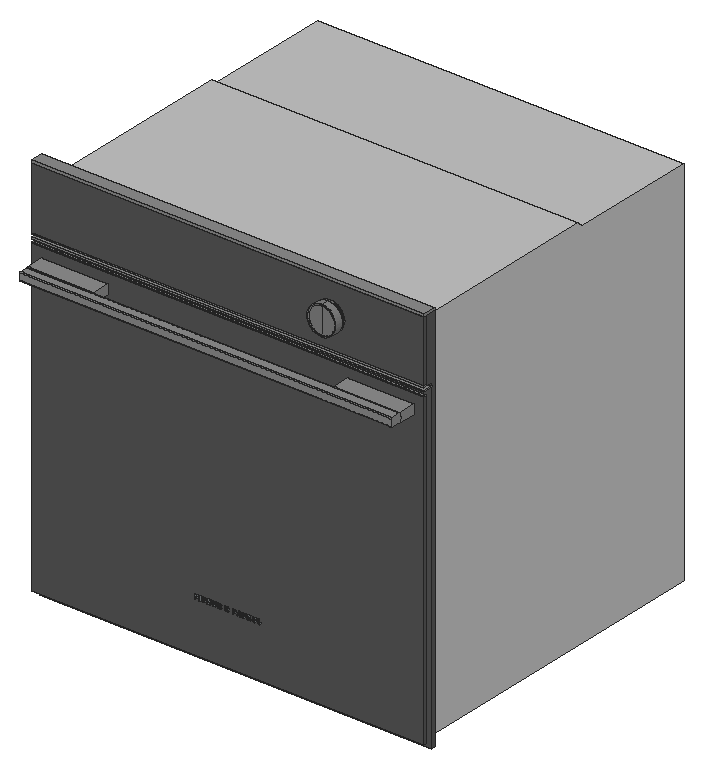
Revit family "FP-Revit19-en-OB60SM11PLB1-WallOven-0-90003193A-AU-NZ", category Specialty Equipment, Revit 2019
Family settings
  Round Connector Dimension = Use Diameter
  Part Type = Normal
  OmniClass Number = 23.40.40.14.17.11
  OmniClass Title = Cookers, Ovens, Stoves
  Work Plane-Based = No
  Always vertical = Yes
  Cut with Voids When Loaded = Yes
  Shared = No
  Room Calculation Point = No
Parameters (values of type "OB60SM11PLB1")
  Visibility - Clearance Required = yes
  URL = "www.fisherpaykel.com"
  Product - Height = 598 mm  # constant formula
  Product - Width = 596 mm  # constant formula
  Product - Depth (Exc. Handles) = 565 mm  # constant formula
  Opening - Height = 600 mm  # constant formula
  Model = "OB60SM11PLB1"
  Material - Trim = Fisher & Paykel - Aluminium, Dark
  Material - Structure = Fisher & Paykel - Black
  Material - Handle = Fisher & Paykel - Aluminium, Dark
  Material - Glass = Fisher & Paykel - Glass, Black
  Material - Dial = Fisher & Paykel - Aluminium, Dark, Matt
  Material - Body = Fisher & Paykel - Grey
  Manufacturer = "Fisher & Paykel Appliances"
  FFL Offset [instance] = 900 mm
  Description = "Oven, 60cm, 11 Function, Self-cleaning"
  Connector Description - Electrical = "220-240VAC, 50Hz ,15A"
  Chassis - Width = 556 mm  # constant formula
  Chassis - Height = 575 mm  # constant formula
  Chassis - Depth = 545 mm  # constant formula
  Cavity - Width = 560 mm  # constant formula
  Cavity - Height = 580 mm  # constant formula
  Cavity - Depth = 550 mm  # constant formula
Reference planes
  plane 1 "Datum": y = 0
  plane 2: z = -2
  plane 3 "Center (Left/Right)": x = 0
  plane 4 "Product LHS": x = -298
  plane 5 "Product RHS": x = 298
  plane 6 "Cavity RHS": x = 280
  plane 7 "FFL Offset": z = 898
  plane 8 "Chassis - Depth": y = 545
  plane 9 "Front Face": y = -20
  plane 10 "Chassis - Height": z = 1473
  plane 11 "Cavity - Height": z = 1478
  plane 12 "Opening - Height": z = 1498
  plane 13 "Cavity LHS": x = -280
  plane 14 "Cavity -Depth": y = 550
  plane 15 "Product - Height": z = 1496
  plane 16 "Opening - RHS": x = 300
  plane 17 "Opening - LHS": x = -300
  plane 18 "Chassis LHS": x = -278
  plane 19 "Chassis RHS": x = 278
Forms (mm)
  Extrusion 1, solid, material "Fisher & Paykel - Grey" <- "Material - Body"
    sketch origin (0, 0, 0) x (0, 1, 0) y (0, 0, 1)
      loop
        line (0, 1473) -> (0, 898) -> (528, 898) -> (528, 1088) -> (545, 1108) -> (545, 1303) -> (498, 1358) -> (498, 1466) -> (305, 1466) -> (298, 1473) -> (0, 1473)
    from -278 to 278
  Extrusion 2, solid, material "Fisher & Paykel - Black" <- "Material - Structure", detail levels fine
    sketch origin (0, 0, 0) x (0, 1, 0) y (0, 0, 1)
      loop
        line (0, 1492.7) -> (-16, 1492.7) -> (-16, 1396) -> (-4, 1396) -> (-4, 898) -> (0, 898) -> (0, 1492.7)
    from -298 to 298
  Extrusion 3, solid, material "Fisher & Paykel - Glass, Black" <- "Material - Glass", detail levels fine
    sketch origin (0, 0, -3) x (0, 1, 0) y (0, 0, 1)
      loop
        line (-20, 1386.4) -> (-20, 912.5) -> (-16, 912.5) -> (-16, 1386.4) -> (-20, 1386.4)
      loop
        line (-20, 1400.8) -> (-16, 1400.8) -> (-16, 1495.7) -> (-20, 1495.7) -> (-20, 1400.8)
    from -298 to 298
  Extrusion 4, solid, material "Fisher & Paykel - Black" <- "Material - Structure", detail levels fine
    sketch origin (0, 0, 0) x (0, 1, 0) y (0, 0, 1)
      loop
        line (-16, 909.5) -> (-4, 909.5) -> (-4, 1380.364) -> (-13.99, 1384) -> (-16, 1384) -> (-16, 909.5)
    from -268 to 268
  Extrusion 5, solid, material "Fisher & Paykel - Clearance Required", visible <- "Visibility - Clearance Required", detail levels coarse
    sketch origin (0, 0, -2) x (1, 0, 0) y (0, 1, 0)
      loop
        line (-280, 0) -> (280, 0) -> (280, 550) -> (-280, 550) -> (-280, 0)
    from 900 to 1480
  Extrusion 6, void
    sketch origin (0, 0, 0) x (0, 1, 0) y (0, 0, 1)
      loop
        line (-20, 898) -> (0, 898) -> (0, 1498) -> (-20, 1498) -> (-20, 898)
    from -300 to 300
  Extrusion 7, solid, material "Fisher & Paykel - Grey" <- "Material - Body"
    sketch origin (0, 2, 0) x (0, 1, 0) y (0, 0, 1)
      loop
        line (496, 1433.999) -> (496, 1376) -> (517.999, 1376) -> (517.999, 1433.999) -> (496, 1433.999)
    from -221 to -128
  Extrusion 8, solid, material "Fisher & Paykel - Aluminium, Dark" <- "Material - Trim", detail levels fine
    sketch origin (0, 0, -1.199) x (0, 1, 0) y (0, 0, 1)
      loop
        line (-16, 1397.199) -> (-16, 1398.999) -> (-20, 1398.999) -> (-20, 1397.199) -> (-16, 1397.199)
      loop
        line (-16, 1384.599) -> (-16, 1386.199) -> (-20, 1386.199) -> (-20, 1384.599) -> (-16, 1384.599)
      loop
        line (-4, 1390.799) -> (-4, 1392.399) -> (-20, 1392.399) -> (-20, 1390.799) -> (-4, 1390.799)
      loop
        line (0, 1493.899) -> (0, 1497.199) -> (-20, 1497.199) -> (-20, 1493.899) -> (0, 1493.899)
    from -298 to 298
  Extrusion 9, void
    sketch origin (0, 0, -2) x (1, 0, 0) y (0, 1, 0)
      loop
        line (201.865, 545) -> (229, 498) -> (278, 498) -> (278, 545) -> (201.865, 545)
      loop
        line (-201.865, 545) -> (-278, 545) -> (-278, 498) -> (-229, 498) -> (-201.865, 545)
    from 900 to 1480
  Extrusion 10, solid, material "Fisher & Paykel - Grey" <- "Material - Body"
    sketch origin (0, 6.626, -14.403) x (0, 1, 0) y (0, 0, 1)
      loop
        circle (501.374, 1419.388) r 5
    from -271 to -221
  Extrusion 11, void
    sketch origin (0, 0, -2) x (1, 0, 0) y (0, 1, 0)
      loop
        line (-280, 0) -> (280, 0) -> (280, 550) -> (-280, 550) -> (-280, 0)
    from 900 to 1480
  Extrusion 12, solid, material "Fisher & Paykel - Glass, Black" <- "Material - Glass", detail levels coarse+medium
    sketch origin (0, 0, 0) x (0, 1, 0) y (0, 0, 1)
      loop
        line (0, 1496) -> (-20, 1496) -> (-20, 1396) -> (-4, 1396) -> (-4, 1391.2) -> (-4, 1380.364) -> (-13.99, 1384) -> (-16, 1384) -> (-16, 1385) -> (-20, 1385) -> (-20, 909.5) -> (-4, 909.5) -> (-4, 898) -> (0, 898) -> (0, 1496)
    from -298 to 298
  Extrusion 13, solid, material "Fisher & Paykel - Clearance Required", visible <- "Visibility - Clearance Required", detail levels coarse
    sketch origin (0, 0, -15) x (0, 1, 0) y (0, 0, 1)
      loop
        line (-20, 946.639) -> (-20, 913) -> (0, 913) -> (0, 1513) -> (-20, 1513) -> (-20, 1400)
        arc (-20, 1400) -> (-332.479, 1274.952) -> (-475.335, 970.203) r 458.415
        line (-475.335, 970.203) -> (-461.431, 969.484) -> (-463.168, 935.896) -> (-450.381, 935.235) -> (-448.645, 968.805) -> (-20, 946.639)
    from -300 to 300
Cuts and joins
  Extrusion 9 cuts Extrusion 1
Text (mm)
  text "Due to ongoing product development, product details are subject to change without notice. \nPlease always refer to www.fisherpaykel.com for the most current product information. \n© Fisher & Paykel 2020" at (41.04, -613.295, 0), in view "Ref. Level (Plan)"
Dimensions and locks
  equal spacing: plane 4 "Product LHS", plane 3 "Center (Left/Right)", plane 5 "Product RHS"
  "Product - Width": plane 4 "Product LHS" to plane 5 "Product RHS"
  "FFL Offset": plane 7 "FFL Offset" to level
  locked: plane 9 "Front Face" to plane 1 "Datum" at 20
  "Cavity - Height": plane 11 "Cavity - Height" to plane 7 "FFL Offset"
  "Chassis - Height": plane 10 "Chassis - Height" to plane 7 "FFL Offset"
  "Cavity - Depth": plane 1 "Datum" to plane 14 "Cavity -Depth"
  "Cavity - Width": plane 13 "Cavity LHS" to plane 6 "Cavity RHS"
  Extrusion 6 to Extrusion 3 = 11.5 mm
  "Chassis - Depth": plane 1 "Datum" to plane 8 "Chassis - Depth"
  equal spacing: plane 13 "Cavity LHS", plane 3 "Center (Left/Right)", plane 6 "Cavity RHS"
  "Opening - Height": plane 7 "FFL Offset" to plane 12 "Opening - Height"
  "Product - Height": plane 7 "FFL Offset" to plane 15 "Product - Height"
  equal spacing: cut or joined group of Extrusion 1, Extrusion 9, plane 3 "Center (Left/Right)", cut or joined group of Extrusion 1, Extrusion 9
  "Chassis - Width": cut or joined group of Extrusion 1, Extrusion 9 to cut or joined group of Extrusion 1, Extrusion 9
  locked: plane 15 "Product - Height" to nested 2 at 506.195
  locked: nested 1 to plane 15 "Product - Height" at 52.1
  locked: nested 3 to plane 15 "Product - Height" at 135
  aligned and locked: level to plane 2
  aligned and locked: plane 4 "Product LHS" to Extrusion 3
  aligned and locked: Extrusion 3 to plane 5 "Product RHS"
  aligned and locked: plane 4 "Product LHS" to Extrusion 2
  aligned and locked: Extrusion 2 to plane 5 "Product RHS"
  aligned and locked: Extrusion 1 to plane 7 "FFL Offset"
  aligned and locked: Extrusion 8 to plane 5 "Product RHS"
  aligned and locked: Extrusion 8 to Extrusion 3
  aligned and locked: Extrusion 6 to Extrusion 3
  aligned and locked: Extrusion 3 to Extrusion 8
  aligned and locked: Extrusion 4 to Extrusion 3
  aligned and locked: Extrusion 4 to Extrusion 2
  aligned and locked: Extrusion 8 to plane 1 "Datum"
  aligned and locked: plane 9 "Front Face" to Extrusion 6
  aligned and locked: Extrusion 5 to plane 6 "Cavity RHS"
  aligned and locked: Extrusion 10 to Extrusion 7
  aligned and locked: plane 11 "Cavity - Height" to Extrusion 5
  aligned and locked: Extrusion 6 to plane 12 "Opening - Height"
  aligned and locked: Extrusion 6 to Extrusion 2
  aligned and locked: Extrusion 8 to plane 15 "Product - Height"
  aligned and locked: Extrusion 8 to Extrusion 2
  aligned and locked: Extrusion 9 to Extrusion 1
  aligned and locked: Extrusion 5 to Extrusion 2
  aligned and locked: Extrusion 5 to Extrusion 9
  aligned and locked: Extrusion 5 to plane 7 "FFL Offset"
  aligned and locked: Extrusion 1 to Extrusion 9
  aligned and locked: Extrusion 12 sketch curve to plane 15 "Product - Height"
  aligned and locked: plane 11 "Cavity - Height" to Extrusion 11
  aligned and locked: Extrusion 2 to Extrusion 11
  aligned and locked: Extrusion 3 to Extrusion 4
Automatic sketch dimensions
  Extrusion 1 sketch curve to plane 1 "Datum" = 0 mm
  Extrusion 1 sketch curve to plane 10 "Chassis - Height" = 0 mm
  Extrusion 1 sketch curve to plane 7 "FFL Offset" = 0 mm
  Extrusion 1 sketch curve to plane 8 "Chassis - Depth" = 0 mm
  Extrusion 1 sketch curve to Extrusion 1 sketch curve = 7 mm
  Extrusion 1 sketch curve to plane 10 "Chassis - Height" = 7 mm
  Extrusion 1 sketch curve to Extrusion 1 sketch curve = 20 mm
  Extrusion 2 sketch curve to plane 7 "FFL Offset" = 0 mm
  Extrusion 2 sketch curve to plane 1 "Datum" = 0 mm
  plane 1 "Datum" to Extrusion 2 sketch curve = 4 mm
  Extrusion 2 sketch curve to plane 9 "Front Face" = 4 mm
  plane 15 "Product - Height" to Extrusion 2 sketch curve = 3.3 mm
  Extrusion 3 sketch curve to plane 9 "Front Face" = 0 mm  (x2)
  Extrusion 3 sketch curve to Extrusion 3 sketch curve = 4 mm  (x2)
  plane 7 "FFL Offset" to Extrusion 3 sketch curve = 11.5 mm
  Extrusion 3 sketch curve to Extrusion 3 sketch curve = 14.4 mm
  plane 15 "Product - Height" to Extrusion 3 sketch curve = 3.3 mm
  Extrusion 4 sketch curve to plane 9 "Front Face" = 4 mm
  Extrusion 4 sketch curve to Extrusion 4 sketch curve = 2.01 mm
  plane 1 "Datum" to Extrusion 4 sketch curve = 4 mm
  plane 7 "FFL Offset" to Extrusion 4 sketch curve = 11.5 mm
  Extrusion 4 sketch curve to Extrusion 4 sketch curve = 3.636 mm
  Extrusion 5 sketch curve to plane 13 "Cavity LHS" = 0 mm
  Extrusion 5 sketch curve to plane 6 "Cavity RHS" = 0 mm
  plane 1 "Datum" to Extrusion 5 sketch curve = 0 mm
  Extrusion 5 sketch curve to plane 14 "Cavity -Depth" = 0 mm
  Extrusion 6 sketch curve to plane 9 "Front Face" = 0 mm
  Extrusion 6 sketch curve to plane 1 "Datum" = 0 mm
  Extrusion 6 sketch curve to plane 7 "FFL Offset" = 0 mm
  plane 12 "Opening - Height" to Extrusion 6 sketch curve = 0 mm
  Extrusion 7 sketch curve to Extrusion 7 sketch curve = 21.999 mm
  Extrusion 8 sketch curve to plane 9 "Front Face" = 0 mm  (x4)
  Extrusion 8 sketch curve to plane 1 "Datum" = 0 mm
  plane 15 "Product - Height" to Extrusion 8 sketch curve = 0 mm
  Extrusion 8 sketch curve to Extrusion 8 sketch curve = 4 mm  (x2)
  plane 1 "Datum" to Extrusion 8 sketch curve = 4 mm
  plane 15 "Product - Height" to Extrusion 8 sketch curve = 3.3 mm
  Extrusion 8 sketch curve to Extrusion 8 sketch curve = 1.8 mm
  Extrusion 8 sketch curve to Extrusion 8 sketch curve = 4.8 mm
  Extrusion 8 sketch curve to Extrusion 8 sketch curve = 1.6 mm  (x2)
  Extrusion 8 sketch curve to Extrusion 8 sketch curve = 4.6 mm
  Extrusion 9 sketch curve to plane 8 "Chassis - Depth" = 0 mm  (x2)
  Extrusion 9 sketch curve to plane 13 "Cavity LHS" = 2 mm
  Extrusion 9 sketch curve to Extrusion 9 sketch curve = 49 mm
  Extrusion 9 sketch curve to Extrusion 9 sketch curve = 27.135 mm
  plane 6 "Cavity RHS" to Extrusion 9 sketch curve = 78.135 mm
  plane 6 "Cavity RHS" to Extrusion 9 sketch curve = 51 mm
  plane 6 "Cavity RHS" to Extrusion 9 sketch curve = 2 mm
  Extrusion 11 sketch curve to plane 13 "Cavity LHS" = 0 mm
  Extrusion 11 sketch curve to plane 6 "Cavity RHS" = 0 mm
  plane 1 "Datum" to Extrusion 11 sketch curve = 0 mm
  Extrusion 11 sketch curve to plane 14 "Cavity -Depth" = 0 mm
  Extrusion 7 sketch curve to plane 10 "Chassis - Height" = 39.001 mm
  Extrusion 1 sketch curve to Extrusion 1 sketch curve = 163 mm
  Extrusion 1 sketch curve to Extrusion 1 sketch curve = 55 mm
  Extrusion 2 sketch curve to plane 10 "Chassis - Height" = 77 mm
  Extrusion 3 sketch curve to plane 10 "Chassis - Height" = 89.6 mm
  Extrusion 4 sketch curve to plane 10 "Chassis - Height" = 92.636 mm
  Extrusion 7 sketch curve to Extrusion 7 sketch curve = 57.999 mm
  Extrusion 8 sketch curve to plane 10 "Chassis - Height" = 75.2 mm
  Extrusion 10 sketch curve to plane 10 "Chassis - Height" = 68.015 mm
  Extrusion 13 sketch curve to plane 9 "Front Face" = 0 mm  (x2)
  Extrusion 13 sketch curve to plane 1 "Datum" = 0 mm
  plane 7 "FFL Offset" to Extrusion 13 sketch curve = 0 mm
  Extrusion 13 sketch curve to plane 12 "Opening - Height" = 0 mm
  plane 9 "Front Face" to Extrusion 13 sketch curve = 428.645 mm
  plane 7 "FFL Offset" to Extrusion 13 sketch curve = 22.235 mm
  Extrusion 13 sketch curve to Extrusion 13 sketch curve = 1.736 mm
  Extrusion 13 sketch curve to Extrusion 13 sketch curve = 12.786 mm
  Extrusion 13 sketch curve to plane 9 "Front Face" = 2.186 mm
  Extrusion 13 sketch curve to Extrusion 13 sketch curve = 5.049 mm
  Extrusion 12 sketch curve to plane 9 "Front Face" = 0 mm  (x2)
  Extrusion 12 sketch curve to plane 7 "FFL Offset" = 0 mm
  Extrusion 12 sketch curve to plane 1 "Datum" = 0 mm
  Extrusion 12 sketch curve to Extrusion 12 sketch curve = 4 mm
  Extrusion 12 sketch curve to Extrusion 12 sketch curve = 2.01 mm
  plane 1 "Datum" to Extrusion 12 sketch curve = 4 mm  (x2)
  Extrusion 12 sketch curve to plane 10 "Chassis - Height" = 92.636 mm
  Extrusion 12 sketch curve to Extrusion 12 sketch curve = 3.636 mm
  Extrusion 12 sketch curve to Extrusion 12 sketch curve = 1 mm
  Extrusion 12 sketch curve to Extrusion 12 sketch curve = 10.836 mm
  Extrusion 12 sketch curve to Extrusion 12 sketch curve = 11 mm
  Extrusion 12 sketch curve to Extrusion 12 sketch curve = 11.5 mm
  Extrusion 1 sketch curve to Extrusion 1 sketch curve = 190 mm
  plane 7 "FFL Offset" to Extrusion 13 sketch curve = 22.896 mm
  Extrusion 13 sketch curve to Extrusion 13 sketch curve = 12.787 mm
  plane 7 "FFL Offset" to Extrusion 13 sketch curve = 57.203 mm
  Extrusion 1 sketch curve to plane 8 "Chassis - Depth" = 247 mm
  Extrusion 1 sketch curve to plane 8 "Chassis - Depth" = 47 mm
  Extrusion 1 sketch curve to plane 8 "Chassis - Depth" = 17 mm
  Extrusion 7 sketch curve to plane 8 "Chassis - Depth" = 47 mm
  Extrusion 9 sketch curve to plane 8 "Chassis - Depth" = 47 mm  (x2)
  Extrusion 10 sketch curve to plane 8 "Chassis - Depth" = 37 mm
  radius of Extrusion 10 sketch curve = 5 mm
Nested families
  nested 1: "F&P Dial Minimal Oven" at (155.3, -20, 1443.9), type "F&P Dial Minimal Oven"
  nested 2: "F&P Logo 100mm" at (0.044, -20, 987), type "Grey"
  nested 3: "F&P Handle Contemporary Square Fine OB60-24" at (0, -20, 1361.022), type "Aluminium Black"
Connectors
  electrical at (-271, 508, 1404.985), driven by "Connector Description - Electrical"
    settings: on Extrusion 10, index 1, voltage 230 V, apparent load 0 VA, apparent load phase1 0 VA, apparent load phase2 0 VA, apparent load phase3 0 VA, power factor 1, load classification "Other", number of poles 1, system type 30, power factor state 1, is connector primary yes, connector utility yes, sub classification motor no, connector description "220-240VAC, 50Hz ,15A"
Definition of nested family "F&P Dial Minimal Oven"
  Parameters (values of type "F&P Dial Minimal Oven")
    URL = "www.fisherpaykel.com"
    Material - Buttons and Dials = none
    Manufacturer = "Fisher & Paykel Appliances"
  Reference planes
    plane 1 "Center (Front/Back)": y = 0
    plane 2: z = 0
    plane 3 "Center (Left/Right)": x = 0
    plane 4: x = 0
    plane 5 "Dial": z = 0
  Forms (mm)
    Revolve 1, solid, material <- "Material - Buttons and Dials", detail levels fine
      sketch origin (0, 0, 0) x (0, 1, 0) y (0, 0, 1)
        loop
          line (-15.2, 0) -> (0, 0) -> (0, 22) -> (-0.8, 22) -> (-0.8, 18.5) -> (-4.2, 18.5) -> (-4.2, 20.136) -> (-4.7, 22) -> (-15.8, 22) -> (-15.8, 21.2) -> (-15.301, 20) -> (-15.301, 0)
        axis (-15.8, 0) -> (0, 0)
      angle from 0 to 360
    Revolve 2, solid, material <- "Material - Buttons and Dials", detail levels coarse+medium
      sketch origin (0, 0, 0) x (0, 1, 0) y (0, 0, 1)
        loop
          line (0, 18.5) -> (-4.2, 18.5) -> (-4.2, 22) -> (-15.8, 22) -> (-15.8, 0) -> (0, 0) -> (0, 18.5)
        axis (-15.8, 0) -> (0, 0)
      angle from 0 to 360
  Dimensions and locks
    aligned and locked: level to plane 2
Definition of nested family "F&P Logo 100mm"
  Parameters (values of type "Grey")
    URL = "www.fisherpaykel.com"
    Material - Logo = none
    Manufacturer = "Fisher & Paykel Appliances"
  Reference planes
    plane 1 "Center (Front/Back)": y = 0
    plane 2: z = 0
    plane 3 "Center (Left/Right)": x = 0
    plane 4 "Logo": z = 2.805
  Forms (mm)
    Extrusion 1, solid, material <- "Material - Logo", detail levels fine
      sketch origin (0, 0, 0) x (1, 0, 0) y (0, 0, 1)
        loop
          line (-50.044, 0) -> (-48.47, 0) -> (-48.47, 2.138) -> (-46.011, 2.138) -> (-46.011, 3.472) -> (-48.47, 3.472) -> (-48.47, 4.712) -> (-45.795, 4.712) -> (-45.795, 6.04) -> (-50.044, 6.04) -> (-50.044, 0)
        loop
          line (-42.804, 6.04) -> (-42.804, 0) -> (-41.23, 0) -> (-41.23, 6.04) -> (-42.804, 6.04)
        loop
          line (-30.724, 6.04) -> (-30.724, 0) -> (-29.151, 0) -> (-29.151, 2.42) -> (-26.839, 2.42) -> (-26.839, 0) -> (-25.265, 0) -> (-25.265, 6.04) -> (-26.839, 6.04) -> (-26.839, 3.748) -> (-29.151, 3.748) -> (-29.151, 6.04) -> (-30.724, 6.04)
        loop
          line (-21.906, 6.04) -> (-21.906, 0) -> (-17.602, 0) -> (-17.602, 1.328) -> (-20.347, 1.328) -> (-20.347, 2.42) -> (-17.838, 2.42) -> (-17.838, 3.748) -> (-20.347, 3.748) -> (-20.347, 4.712) -> (-17.602, 4.712) -> (-17.602, 6.04) -> (-21.906, 6.04)
        loop
          line (45.667, 6.04) -> (45.667, 0) -> (49.956, 0) -> (49.956, 1.328) -> (47.241, 1.328) -> (47.241, 6.04) -> (45.667, 6.04)
        loop
          line (42.431, 6.04) -> (38.112, 6.04) -> (38.112, 0) -> (42.431, 0) -> (42.431, 1.328) -> (39.687, 1.328) -> (39.687, 2.42) -> (42.195, 2.42) -> (42.195, 3.748) -> (39.687, 3.748) -> (39.687, 4.712) -> (42.431, 4.712) -> (42.431, 6.04)
        loop
          line (33.443, 3.137) -> (35.683, 6.04) -> (33.844, 6.04) -> (31.915, 3.542) -> (31.915, 6.04) -> (30.342, 6.04) -> (30.342, 0) -> (31.915, 0) -> (31.915, 2.705) -> (33.903, 0) -> (35.747, 0) -> (33.443, 3.137)
        loop
          line (21.98, 6.04) -> (24.262, 2.42) -> (24.262, 0) -> (25.837, 0) -> (25.837, 2.341) -> (28.119, 6.04) -> (26.446, 6.04) -> (25.099, 3.707) -> (23.753, 6.04) -> (21.98, 6.04)
        loop
          line (18.479, 6.04) -> (16.983, 6.04) -> (14.524, 0) -> (16.069, 0) -> (16.501, 1.112) -> (18.786, 1.112) -> (19.219, 0) -> (20.938, 0) -> (18.479, 6.04)
        loop
          line (18.4, 2.439) -> (17.693, 4.174) -> (17.018, 2.439) -> (18.4, 2.439)
        loop
          line (8.031, 6.04) -> (8.031, 0) -> (9.605, 0) -> (9.605, 1.938) -> (10.599, 1.938)
          arc (10.599, 1.938) -> (12.65, 3.989) -> (10.599, 6.04) r 2.051
          line (10.599, 6.04) -> (8.031, 6.04)
        loop
          line (9.605, 4.712) -> (9.605, 3.197) -> (10.501, 3.197)
          arc (10.501, 3.197) -> (11.259, 3.954) -> (10.501, 4.712) r 0.757
          line (10.501, 4.712) -> (9.605, 4.712)
        loop
          line (-11.783, 6.04) -> (-14.366, 6.04) -> (-14.366, 0) -> (-12.792, 0) -> (-12.792, 1.336) -> (-11.992, 1.336) -> (-10.972, 0) -> (-9.153, 0) -> (-10.694, 1.973)
          arc (-10.694, 1.973) -> (-9.678, 4.424) -> (-11.783, 6.04) r 2.179
        loop
          line (-11.897, 4.712) -> (-12.792, 4.712) -> (-12.792, 3.053) -> (-11.897, 3.053)
          arc (-11.897, 3.053) -> (-11.068, 3.882) -> (-11.897, 4.712) r 0.83
        loop
          line (0.477, 4.712) -> (0.477, 6.153) -> (-3.575, 6.153) -> (-3.575, 4.851) -> (-2.974, 4.112)
          arc (-2.974, 4.112) -> (-3.51, 0.684) -> (-0.045, 0.512) r 2.334
          line (-0.045, 0.512) -> (0.46, -0.109) -> (2.246, -0.109) -> (0.86, 1.594) -> (2.061, 3.324) -> (0.443, 3.324) -> (-0.013, 2.667) -> (-1.677, 4.712) -> (0.477, 4.712)
        loop
          arc (-2.125, 3.068) -> (-2.269, 1.668) -> (-0.868, 1.524) r 0.996
          line (-0.868, 1.524) -> (-2.125, 3.068)
        loop
          line (-35.18, 3.634) -> (-36.516, 3.91)
          arc (-36.516, 3.91) -> (-37.049, 4.443) -> (-36.516, 4.976) r 0.533
          arc (-36.516, 4.976) -> (-35.235, 4.79) -> (-34.059, 4.248) r 4.505
          line (-34.059, 4.248) -> (-34.059, 5.743)
          arc (-34.059, 5.743) -> (-35.549, 6.179) -> (-37.1, 6.109) r 4.726
          arc (-37.1, 6.109) -> (-38.536, 4.335) -> (-37.1, 2.561) r 1.814
          line (-37.1, 2.561) -> (-35.754, 2.282)
          arc (-35.754, 2.282) -> (-35.221, 1.749) -> (-35.754, 1.216) r 0.533
          arc (-35.754, 1.216) -> (-37.035, 1.402) -> (-38.211, 1.945) r 4.505
          line (-38.211, 1.945) -> (-38.211, 0.449)
          arc (-38.211, 0.449) -> (-36.72, 0.013) -> (-35.169, 0.083) r 4.726
          arc (-35.169, 0.083) -> (-33.734, 1.863) -> (-35.18, 3.634) r 1.814
      from 0 to 0.8
  Dimensions and locks
    aligned and locked: level to plane 2
Definition of nested family "F&P Handle Contemporary Square Fine OB60-24"
  Parameters (values of type "Aluminium Black")
    URL = "www.fisherpaykel.com"
    Material - Handle = none
    Manufacturer = "Fisher & Paykel Appliances"
    Handle - Length = 565 mm
  Reference planes
    plane 1 "Center (Front/Back)": y = 0
    plane 2: z = 0
    plane 3 "Center (Left/Right)": x = 0
    plane 4 "Product LHS": x = -282.5
    plane 5 "Product RHS": x = 282.5
    plane 6 "LHS Standoff": x = -182.495
    plane 7 "RHS Standoff": x = 182.505
    plane 8 "Handle centre": z = -0.022
    plane 9: z = -0.022
  Forms (mm)
    Extrusion 1, solid, material <- "Material - Handle", detail levels fine
      sketch origin (0, 0, 0) x (0, 1, 0) y (0, 0, 1)
        loop
          arc (-26.813, 6.16) -> (-27.196, 6.554) -> (-27.728, 6.686) r 1
          line (-27.728, 6.686) -> (-40.035, 6.256)
          arc (-40.035, 6.256) -> (-40.719, 5.951) -> (-41, 5.257) r 1
          line (-41, 5.257) -> (-41, -5.257)
          arc (-41, -5.257) -> (-40.719, -5.951) -> (-40.035, -6.256) r 1
          line (-40.035, -6.256) -> (-27.709, -6.686)
          arc (-27.709, -6.686) -> (-27.175, -6.554) -> (-26.792, -6.158) r 1
          arc (-26.792, -6.158) -> (-25.256, 0.004) -> (-26.813, 6.16) r 13.038
      from -282.5 to 282.5
    Extrusion 2, solid, material <- "Material - Handle", detail levels fine
      sketch origin (0, 0, 0) x (0, 1, 0) y (0, 0, 1)
        loop
          arc (-26.626, -6.008) -> (-26.614, -6.49) -> (-26.2, -6.737) r 0.5
          line (-26.2, -6.737) -> (0, -7.696) -> (0, 7.704) -> (-26.174, 6.747)
          arc (-26.174, 6.747) -> (-26.587, 6.5) -> (-26.6, 6.019) r 0.5
          arc (-26.6, 6.019) -> (-25.156, 0.002) -> (-26.626, -6.008) r 13.136
      from 182.505 to 282.5
    Extrusion 3, solid, material <- "Material - Handle", detail levels coarse+medium
      sketch origin (0, 0, 0) x (1, 0, 0) y (0, 1, 0)
        loop
          line (-282.5, -42) -> (282.5, -42) -> (282.5, 0) -> (182.505, 0) -> (182.505, -26.156) -> (-182.495, -26.156) -> (-182.495, 0) -> (-282.5, 0) -> (-282.5, -42)
      from -8.022 to 7.978
    Extrusion 4, solid, material <- "Material - Handle", detail levels fine
      sketch origin (0, 0, 0) x (0, 1, 0) y (0, 0, 1)
        loop
          arc (-26.626, -6.008) -> (-26.614, -6.49) -> (-26.2, -6.737) r 0.5
          line (-26.2, -6.737) -> (0, -7.696) -> (0, 7.704) -> (-26.174, 6.747)
          arc (-26.174, 6.747) -> (-26.587, 6.5) -> (-26.6, 6.019) r 0.5
          arc (-26.6, 6.019) -> (-25.156, 0.002) -> (-26.626, -6.008) r 13.136
      from -282.5 to -182.495
  Dimensions and locks
    equal spacing: plane 4 "Product LHS", plane 3 "Center (Left/Right)", plane 5 "Product RHS"
    "Handle - Length": plane 4 "Product LHS" to plane 5 "Product RHS"
    locked: plane 4 "Product LHS" to plane 6 "LHS Standoff" at 100.005
    locked: plane 7 "RHS Standoff" to plane 5 "Product RHS" at 99.995
    aligned and locked: level to plane 2
    aligned and locked: Extrusion 1 to plane 5 "Product RHS"
    aligned and locked: plane 4 "Product LHS" to Extrusion 1
    aligned and locked: Extrusion 2 to plane 5 "Product RHS"
    aligned and locked: plane 4 "Product LHS" to Extrusion 3 sketch curve
    aligned and locked: Extrusion 3 sketch curve to plane 5 "Product RHS"
    aligned and locked: Extrusion 3 sketch curve to plane 7 "RHS Standoff"
    aligned and locked: plane 6 "LHS Standoff" to Extrusion 3 sketch curve
    aligned and locked: plane 4 "Product LHS" to Extrusion 4
    aligned and locked: plane 6 "LHS Standoff" to Extrusion 4
    aligned and locked: Extrusion 2 to plane 7 "RHS Standoff"
  Automatic sketch dimensions
    Extrusion 1 sketch curve to level = 5.257 mm
    plane 1 "Center (Front/Back)" to Extrusion 1 sketch curve = 41 mm
    level to Extrusion 1 sketch curve = 6.256 mm
    Extrusion 1 sketch curve to Extrusion 1 sketch curve = 0.965 mm  (x2)
    Extrusion 1 sketch curve to level = 6.256 mm
    Extrusion 1 sketch curve to Extrusion 1 sketch curve = 0.035 mm  (x3)
    Extrusion 1 sketch curve to level = 0.018 mm
    Extrusion 1 sketch curve to Extrusion 1 sketch curve = 1.706 mm
    level to Extrusion 1 sketch curve = 6.686 mm
    Extrusion 1 sketch curve to Extrusion 1 sketch curve = 12.307 mm
    Extrusion 1 sketch curve to level = 6.686 mm
    Extrusion 1 sketch curve to Extrusion 1 sketch curve = 12.326 mm
    Extrusion 1 sketch curve to Extrusion 1 sketch curve = 0.999 mm  (x2)
    Extrusion 1 sketch curve to Extrusion 1 sketch curve = 0 mm
    Extrusion 2 sketch curve to plane 1 "Center (Front/Back)" = 0 mm
    level to Extrusion 2 sketch curve = 6.247 mm
    plane 1 "Center (Front/Back)" to Extrusion 2 sketch curve = 26.155 mm
    level to Extrusion 2 sketch curve = 6.747 mm
    Extrusion 2 sketch curve to Extrusion 2 sketch curve = 0.018 mm  (x2)
    Extrusion 2 sketch curve to level = 6.238 mm
    Extrusion 2 sketch curve to Extrusion 2 sketch curve = 0.026 mm
    Extrusion 2 sketch curve to level = 6.737 mm
    level to Extrusion 2 sketch curve = 0.03 mm
    Extrusion 2 sketch curve to Extrusion 2 sketch curve = 12.11 mm
    Extrusion 2 sketch curve to level = 7.696 mm
    level to Extrusion 2 sketch curve = 7.704 mm
    Extrusion 2 sketch curve to Extrusion 2 sketch curve = 0 mm
    plane 1 "Center (Front/Back)" to Extrusion 3 sketch curve = 42 mm
    Extrusion 3 sketch curve to Extrusion 3 sketch curve = 15.844 mm
    Extrusion 3 sketch curve to Extrusion 3 sketch curve = 26.156 mm  (x2)
    level to Extrusion 4 sketch curve = 0.03 mm
    plane 1 "Center (Front/Back)" to Extrusion 4 sketch curve = 38.291 mm
    Extrusion 4 sketch curve to level = 6.737 mm
    Extrusion 4 sketch curve to Extrusion 4 sketch curve = 12.091 mm
    Extrusion 4 sketch curve to Extrusion 4 sketch curve = 0.018 mm  (x2)
    level to Extrusion 4 sketch curve = 6.747 mm
    Extrusion 4 sketch curve to Extrusion 4 sketch curve = 0.008 mm
    level to Extrusion 4 sketch curve = 7.704 mm
    Extrusion 4 sketch curve to Extrusion 4 sketch curve = 26.174 mm
    Extrusion 4 sketch curve to level = 7.696 mm
    Extrusion 4 sketch curve to Extrusion 4 sketch curve = 0.5 mm  (x2)
    Extrusion 4 sketch curve to Extrusion 4 sketch curve = 0 mm
